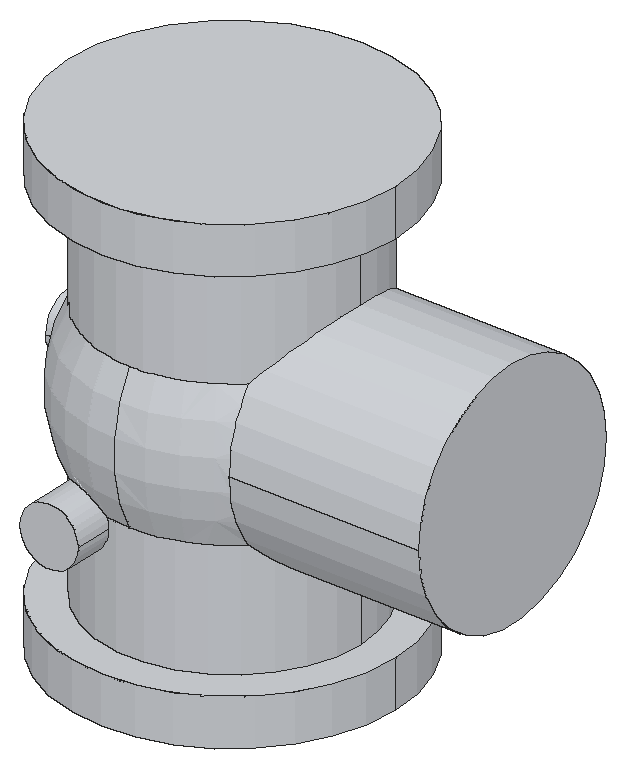
Revit family "200e53ea6df2424fa381f16876b486f2", category Pipe Accessories, Revit 2021
Family settings
  Round Connector Dimension = Use Radius
  Part Type = Valve - Breaks Into
  OmniClass Number = 23.65.55.14
  OmniClass Title = Valves for Liquid Services
  Seek Item ID = Alarm Check Valve-0000-USA-ENU
  Work Plane-Based = No
  Always vertical = Yes
  Cut with Voids When Loaded = No
  Shared = No
Parameters (values of type "2 1/2"")
  Valve Material = none
  Valve Height = 0' - 10 1/16"
  Pressure Drop [instance] = 3.56 psi
  Nominal Radius = 1 1/4"
  Nominal Diameter = Nominal Radius * 2  # 2 1/2"
  Neck Radius = Neck Diameter / 2  # 0' - 2 3/4"
  Neck Diameter = 0' - 5 1/2"
  Height 1 = 0' - 3 1/4"
  Flange Radius = Nominal Diameter + 0' 1"  # 0' - 3 1/2"
  Flange Diameter = 2 * Flange Radius  # 0' - 7"
  Drain Radius = 5/8"
  Drain Diameter = Drain Radius * 2  # 1 1/4"
  Default Elevation = 0' - 0"
  Belly Radius = Belly Diameter / 2  # 0' - 3 5/32"
  Belly Diameter = 0' - 6 5/16"
  Alarm Radius = 5/8"
  Alarm Diameter = Alarm Radius * 2  # 1 1/4"
Types (6): name | Valve Height | Pressure Drop | Nominal Radius | Nominal Diameter | Neck Radius | Neck Diameter | Height 1 | Flange Radius | Flange Diameter | Drain Radius | Drain Diameter | Belly Radius | Belly Diameter
  (no name) | 0' - 10 1/16" | 3.56 psi | 1 1/4" | 2 1/2" | 0' - 2 3/4" | 0' - 5 1/2" | 0' - 3 1/4" | 0' - 3 1/2" | 0' - 7" | 5/8" | 1 1/4" | 0' - 3 5/32" | 0' - 6 5/16"
  2 1/2" | 0' - 10 1/16" | 3.56 psi | 1 1/4" | 2 1/2" | 0' - 2 3/4" | 0' - 5 1/2" | 0' - 3 1/4" | 0' - 3 1/2" | 0' - 7" | 5/8" | 1 1/4" | 0' - 3 5/32" | 0' - 6 5/16"
  3" | 0' - 10 1/16" | 4.27 psi | 1 1/2" | 3" | 0' - 2 3/4" | 0' - 5 1/2" | 0' - 3 1/4" | 0' - 4" | 0' - 8" | 1" | 2" | 0' - 3 5/32" | 0' - 6 5/16"
  4" | 0' - 10 3/8" | 5.69 psi | 2" | 4" | 0' - 2 3/4" | 0' - 5 1/2" | 0' - 4 1/4" | 0' - 5" | 0' - 10" | 1" | 2" | 0' - 3 5/32" | 0' - 6 5/16"
  6" | 0' - 11" | 8.53 psi | 3" | 6" | 0' - 2 29/32" | 0' - 5 13/16" | 0' - 4 1/4" | 0' - 7" | 1' - 2" | 1" | 2" | 0' - 3 5/16" | 0' - 6 5/8"
  8" | 1' - 0" | 9.96 psi | 4" | 8" | 0' - 3 5/32" | 0' - 6 5/16" | 0' - 4 3/4" | 0' - 9" | 1' - 6" | 1" | 2" | 0' - 4 3/16" | 0' - 8 3/8"
Reference planes (in)
  plane 1 "Center (Front/Back)": y = 0
  plane 2: z = 0
  plane 3 "Center (Left/Right)": x = 0
  plane 4: z = 10.0625
  plane 5: z = 1
  plane 6: z = 3.25
  plane 7: z = 5.03125
  plane 8: z = 9.0625
  plane 9: x = -1.125
  plane 10: y = -3.5
  plane 11: x = -3.5
  plane 12: x = 6
  plane 13: x = 3.5
  plane 14: x = -4.5
  plane 15: x = -4.6875
  plane 16: z = 9.5625
  plane 17: x = -4.3125
  plane 18: x = 3.5
Forms (in)
  Extrusion 1, solid, material <- "Valve Material", detail levels fine
    sketch origin (0, 0, 0) x (1, 0, 0) y (0, 1, 0)
      loop
        circle (0, 0) r 2.75
    from 1 to 9.0625
  Extrusion 2, solid, material <- "Valve Material", detail levels fine
    sketch origin (0, 0, 0) x (1, 0, 0) y (0, 1, 0)
      loop
        circle (0, 0) r 3.5
    from 9.0625 to 10.0625
  Extrusion 3, solid, material <- "Valve Material", detail levels fine
    sketch origin (0, 0, 0) x (1, 0, 0) y (0, 1, 0)
      loop
        circle (0, 0) r 3.5
    from 0 to 1
  Extrusion 4, solid, material <- "Valve Material", detail levels fine
    sketch origin (0, 0, 0) x (1, 0, 0) y (0, 0, 1)
      loop
        circle (-1.125, 3.25) r 0.625
    from 0 to 3.5
  Extrusion 5, solid, material <- "Valve Material", detail levels fine
    sketch origin (0, 0, 0) x (0, 1, 0) y (0, 0, 1)
      loop
        circle (0, 5.03125) r 0.625
    from 0 to -3.5
  Extrusion 6, solid, material <- "Valve Material", detail levels fine
    sketch origin (0, 0, 0) x (0, 1, 0) y (0, 0, 1)
      loop
        circle (0, 5.03125) r 2.5
    from 0 to 6
  Revolve 7, solid, material <- "Valve Material", detail levels fine
    sketch origin (0, 0, 0) x (0, 1, 0) y (0, 0, 1)
      loop
        arc (0, 8.1875) -> (-3.15625, 5.03125) -> (0, 1.875) r 3.15625
        line (0, 1.875) -> (0, 8.1875)
      axis (0, 1.875) -> (0, 8.1875)
    angle from 0 to 360
Cuts and joins
  joined: Extrusion 1, Extrusion 2, Extrusion 3, Extrusion 4, Extrusion 5, Extrusion 6, Revolve 7
Lines and regions (in)
  model lines, detail levels coarse+medium
    curve 1: line (-3.5, 0, 10.0625) -> (3.5, 0, 0)
    curve 2: line (3.5, 0, 10.0625) -> (-3.5, 0, 10.0625)
    curve 3: line (-3.5, 0, 0) -> (3.5, 0, 0)
    curve 4: line (-4.5, 0, 10.0625) -> (-4.5, 0, 0)
    curve 5: line (-4.5, 0, 10.0625) -> (-4.6875, 0, 9.5625)
    curve 6: line (-4.5, 0, 10.0625) -> (-4.3125, 0, 9.5625)
    curve 7: circle (6, 0, 5.03125) r 2.5 normal (0, -1, 0)
    curve 8: line (0, 0, 5.03125) -> (3.5, 0, 5.03125)
Dimensions and locks (in)
  "Valve Height": plane 4 to plane 2
  locked: plane 5 to plane 2 at 1
  "Height 1": plane 6 to plane 2
  equal spacing: plane 4, plane 7, plane 2
  locked: plane 4 to plane 8 at 1
  locked: plane 3 "Center (Left/Right)" to plane 9 at 1.125
  "Flange Radius": plane 3 "Center (Left/Right)" to plane 11
  locked: plane 12 to plane 3 "Center (Left/Right)" at 6
  "Flange Radius": plane 1 "Center (Front/Back)" to plane 10
  "Flange Radius": plane 13 to plane 3 "Center (Left/Right)"
  locked: plane 11 to plane 14 at 1
  locked: plane 4 to plane 16 at 0.5
  equal spacing: plane 15, plane 14, plane 17
  locked: plane 15 to plane 17 at 0.375
  "Neck Radius": radius of Extrusion 1 sketch curve
  "Flange Radius": radius of Extrusion 2 sketch curve
  "Flange Radius": radius of Extrusion 3 sketch curve
  "Alarm Radius": radius of Extrusion 5 sketch curve
  radius of Extrusion 6 sketch curve = 0' - 2 1/2"
  "Belly Radius": radius of Revolve 7 sketch curve
  radius of curve 7 = 0' - 2 1/2"
  "Drain Radius": radius of Extrusion 4 sketch curve
  aligned and locked: plane 3 "Center (Left/Right)" to Extrusion 1 sketch curve
  aligned and locked: plane 1 "Center (Front/Back)" to Extrusion 1 sketch curve
  aligned and locked: plane 8 to Extrusion 1
  aligned and locked: Extrusion 1 to plane 5
  aligned and locked: plane 3 "Center (Left/Right)" to Extrusion 2 sketch curve
  aligned and locked: plane 1 "Center (Front/Back)" to Extrusion 2 sketch curve
  aligned and locked: plane 4 to Extrusion 2
  aligned and locked: Extrusion 2 to plane 8
  aligned and locked: plane 3 "Center (Left/Right)" to Extrusion 3 sketch curve
  aligned and locked: plane 1 "Center (Front/Back)" to Extrusion 3 sketch curve
  aligned and locked: plane 5 to Extrusion 3
  aligned and locked: Extrusion 3 to plane 2
  aligned and locked: plane 9 to Extrusion 4 sketch curve
  aligned and locked: plane 6 to Extrusion 4 sketch curve
  aligned and locked: plane 10 to Extrusion 4
  aligned and locked: Extrusion 4 to plane 1 "Center (Front/Back)"
  aligned and locked: plane 1 "Center (Front/Back)" to Extrusion 5 sketch curve
  aligned and locked: plane 7 to Extrusion 5 sketch curve
  aligned and locked: Extrusion 5 to plane 3 "Center (Left/Right)"  (x2)
  aligned and locked: Extrusion 5 to plane 11
  aligned and locked: plane 1 "Center (Front/Back)" to Extrusion 6 sketch curve
  aligned and locked: plane 7 to Extrusion 6 sketch curve
  aligned and locked: plane 12 to Extrusion 6
  aligned and locked: Extrusion 6 to plane 3 "Center (Left/Right)"
  aligned and locked: plane 1 "Center (Front/Back)" to Revolve 7 sketch curve
  aligned and locked: plane 7 to Revolve 7 sketch curve
  aligned and locked: plane 4 to curve 1
  aligned and locked: plane 11 to curve 1
  aligned and locked: level to curve 1
  aligned and locked: curve 2 to cut or joined group of Extrusion 1, Extrusion 2, Extrusion 3, Extrusion 4, Extrusion 5, Extrusion 6, Revolve 7
  aligned and locked: curve 3 to Extrusion 3
  aligned and locked: curve 4 to plane 14
  aligned and locked: plane 2 to curve 4
  aligned and locked: plane 16 to curve 5
  aligned and locked: plane 15 to curve 5
  aligned and locked: plane 4 to curve 6
  aligned and locked: plane 16 to curve 6
  aligned and locked: plane 17 to curve 6
  aligned and locked: plane 7 to curve 7
  aligned and locked: curve 8 to plane 7
  aligned and locked: plane 3 "Center (Left/Right)" to curve 8
  aligned and locked: plane 18 to plane 13
  aligned and locked: plane 18 to curve 8
Automatic sketch dimensions
  Revolve 7 sketch curve to plane 1 "Center (Front/Back)" = 0' - 0"
  Revolve 7 sketch curve to level = 0' - 4 1/4"
  plane 4 to Revolve 7 sketch curve = 0' - 5 3/16"
  curve 3 to plane 11 = 0' - 0"
  curve 2 to plane 13 = 0' - 0"
Connectors (in)
  piping at (0, 0, 0), diameter 2.5, driven by "Nominal Radius"
    settings: on cut or joined group of Extrusion 1, Extrusion 2, Extrusion 3, Extrusion 4, Extrusion 5, Extrusion 6, Revolve 7, index 1, connector inside diameter 2 1/2", connector length 0' - 0", flow factor 0, pipe flow 0 GPM, pressure drop 0.00 psi, fitting loss kfactor 0, connector angle 0.00°, fixture units 0, engagement length 0' - 0", angle of deflection 0.00°, flow configuration 0, flow direction 0, fitting loss method 4, system type 29, joint type 0, gender type 0, connector reference index 2, connector utility 0, adjustable connector no, is connector primary yes, connector description "In"
  piping at (0, 0, 10.0625), diameter 2.5, driven by "Pressure Drop", driven by "Nominal Radius"
    settings: on cut or joined group of Extrusion 1, Extrusion 2, Extrusion 3, Extrusion 4, Extrusion 5, Extrusion 6, Revolve 7, index 2, connector inside diameter 2 1/2", connector length 0' - 0", flow factor 0, pipe flow 0 GPM, pressure drop 3.56 psi, fitting loss kfactor 0, connector angle 0.00°, fixture units 0, engagement length 0' - 0", angle of deflection 0.00°, flow configuration 0, flow direction 0, fitting loss method 4, system type 29, joint type 0, gender type 0, connector reference index 1, connector utility 0, adjustable connector no, is connector primary no, connector description "Out"
  piping at (-1.125, -3.5, 3.25), diameter 1.25, driven by "Drain Radius"
    settings: on cut or joined group of Extrusion 1, Extrusion 2, Extrusion 3, Extrusion 4, Extrusion 5, Extrusion 6, Revolve 7, index 3, connector inside diameter 1 1/4", connector length 0' - 0", flow factor 0, pipe flow 0 GPM, pressure drop 0.00 psi, fitting loss kfactor 0, connector angle 0.00°, fixture units 0, engagement length 0' - 0", angle of deflection 0.00°, flow configuration 1, flow direction 2, fitting loss method 0, system type 29, joint type 0, gender type 0, connector reference index -1, connector utility 0, adjustable connector no, is connector primary no, connector description "Drain Out"
  piping at (-3.5, 0, 5.03125), diameter 1.25, driven by "Alarm Radius"
    settings: on cut or joined group of Extrusion 1, Extrusion 2, Extrusion 3, Extrusion 4, Extrusion 5, Extrusion 6, Revolve 7, index 4, connector inside diameter 1 1/4", connector length 0' - 0", flow factor 0, pipe flow 0 GPM, pressure drop 0.00 psi, fitting loss kfactor 0, connector angle 0.00°, fixture units 0, engagement length 0' - 0", angle of deflection 0.00°, flow configuration 1, flow direction 2, fitting loss method 0, system type 29, joint type 0, gender type 0, connector reference index -1, connector utility 0, adjustable connector no, is connector primary no, connector description "Alarm Out"
